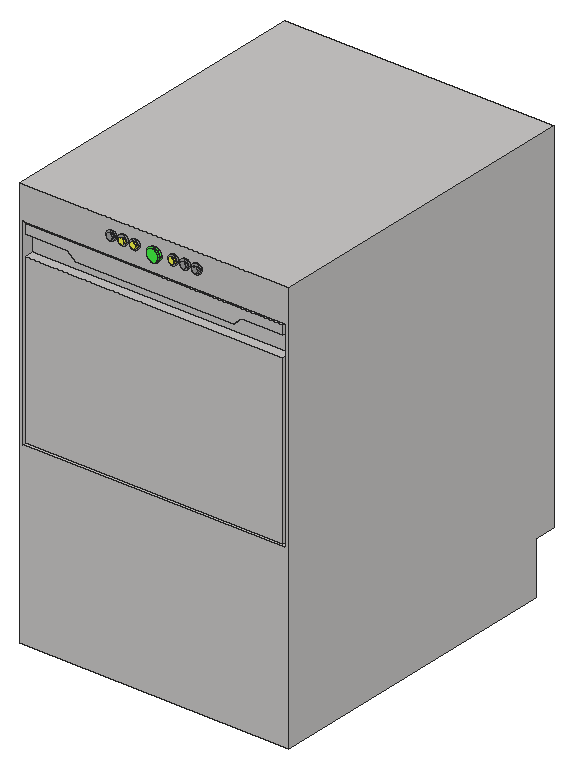
Revit family "QF_ELECTROLUXPROFESSIONAL_402218_ESICWP", category Specialty Equipment, Revit 2018
Family settings
  Round Connector Dimension = Use Diameter
  Part Type = Normal
  Work Plane-Based = No
  Always vertical = Yes
  Cut with Voids When Loaded = No
  Shared = No
  Room Calculation Point = No
Parameters
  Weight = 37.00 kg
  Watts = 0 W
  Volts = 0 V
  URL Manufacturer = ""
  URL = "http://professional.electrolux.com/"
  Steam Supply Size = 0 mm
  Steam Supply Minimum Pressure = 0.0 Pa
  Steam Supply Maximum Pressure = 0.0 Pa
  Steam Pounds per Hour = 0
  Show Logo [instance] = yes
  Show Clearance [instance] = yes
  Refrigeration Suction Line Size = 0 mm
  Refrigeration Liquid Line Size = 0 mm
  Refrigerant Compressor Remote = yes
  Manufacturer = ""
  Phase = 0
  Model = ""
  Length Actual = 460 mm  # constant formula
  Item Number = ""
  Hot Water Size = 0 mm
  Height Actual = 715 mm  # constant formula
  HP = "4.4 HP"
  Gas Size = 0 mm
  Gas KW = 0
  Gas Input Pressure = 0 W
  Direct Waste Size = 27 mm
  Description = ""
  Depth Actual = 565 mm  # constant formula
  Cycle = 0 Hz
  Condensate Return Size = 0 mm
  Compressed Air Volume = 0.0 L/s
  Compressed Air Size = 0 mm
  Compressed Air Pressure = 0.0 Pa
  Cold Water Size = 0 mm
  Accessory = yes
Types (2, lengths in mm): name | Volts | URL Manufacturer | URL | Manufacturer | Phase | Model | Item Number | Description | Cycle | Cold Water Size
  (no name) | 0 V | "" | "http://professional.electrolux.com/" | "" | 0 | "" | "" | "" | 0 Hz | 0
  Standard | 220 V | "http://professional.electrolux.com" | "http://professional.electrolux.com" | "Electrolux Professional" | 1 | "ESICWP" | "402218" | "GLASSWASHER(S) DOUBLE SKIN, COLD RINSE, WS, DP, 30B/H" | 50 Hz | 19.05
Reference planes
  plane 1 "Center (Front/Back)": y = 0
  plane 2: z = 0
  plane 3 "Center (Left/Right)": x = 0
  plane 4 "LEFT": x = -230
  plane 5 "RIGHT": x = 230
  plane 6 "FRONT": y = -282.5
  plane 7 "BACK": y = 282.5
  plane 8: x = -202.5
  plane 9: x = 202.5
  plane 10: z = 715
  plane 11: z = 10
Forms (mm)
  Extrusion 1, solid, material "QF_Finishes_Stainless Steel"
    sketch origin (0, 0, 0) x (1, 0, 0) y (0, 1, 0)
      loop
        line (-230, -282.5) -> (230, -282.5) -> (230, 243.5) -> (-230, 243.5) -> (-230, -282.5)
    from 10 to 715
  Extrusion 2, solid, material "QF_Finishes_Stainless Steel"
    sketch origin (0, 0, 0) x (1, 0, 0) y (0, 1, 0)
      loop
        line (-230, 243.5) -> (230, 243.5) -> (230, 282.5) -> (-230, 282.5) -> (-230, 243.5)
    from 100 to 715
  Extrusion 3, solid, material "QF_Finishes_Stainless Steel"
    sketch origin (0, 0, 0) x (1, 0, 0) y (0, 1, 0)
      loop
        circle (-202.5, 184.5) r 12.5
      loop
        circle (202.5, 184.5) r 12.5
      loop
        circle (-202.5, -235.5) r 12.5
      loop
        circle (202.5, -235.5) r 12.5
    from 0 to 10
  Extrusion 4, void
    sketch origin (-230, -282.5, 0) x (-1, 0, 0) y (0, 0, 1)
      loop
        line (-5, 658.217) -> (-455, 658.217) -> (-455, 315) -> (-5, 315) -> (-5, 658.217)
    from 0 to 30
  Extrusion 5, solid, material "QF_Finishes_Stainless Steel"
    sketch origin (-53, -392, 738) x (0, 0, -1) y (1, 0, 0)
      loop
        circle (693, 213) r 10
    from -635.5 to -674.5
  Extrusion 6, solid, material "QF_Door-Drawer Clearances", visible <- "Show Clearance", detail levels coarse
    sketch origin (-230, -282.5, 0) x (0, 1, 0) y (0, 0, -1)
      loop
        line (0, -315) -> (-315, -315)
        arc (-315, -315) -> (-223.2, -545.869) -> (0, -655) r 344.605
        line (0, -655) -> (0, -315)
    from -10 to -450
  Extrusion 7, solid, material "QF_Finishes_Stainless Steel"
    sketch origin (-242.481, -392, 738) x (0, 0, -1) y (1, 0, 0)
      loop
        circle (663, 322.481) r 8
    from -635.5 to -674.5
  Extrusion 8, solid, material "QF_Finishes_Green"
    sketch origin (234, -282.5, -28.75) x (-1, 0, 0) y (0, 0, -1)
      loop
        circle (234, -714.569) r 10
    from 0 to 5
  Extrusion 9, solid, material "QF_Finishes_Gray"
    sketch origin (234, -282.5, -24.375) x (-1, 0, 0) y (0, 0, -1)
      loop
        circle (306.936, -713.972) r 5
    from 0 to 5
  Extrusion 10, solid, material "QF_Finishes_Stainless Steel"
    sketch origin (-230, -282.5, 0) x (0, 1, 0) y (0, 0, -1)
      loop
        line (0, -319.622) -> (0, -605) -> (15, -605) -> (15, -655) -> (25, -655) -> (25, -319.622) -> (0, -319.622)
    from -10 to -450
  Extrusion 11, solid, material "QF_Finishes_Stainless Steel"
    sketch origin (-230, -282.5, 0) x (0, 1, 0) y (0, 0, -1)
      loop
        line (15, -655) -> (15, -652.514) -> (2.5, -652.514) -> (2.5, -626.25) -> (0, -626.25) -> (0, -655) -> (15, -655)
    from -10 to -450
  Extrusion 12, void
    sketch origin (-230, -282.5, 655) x (0, 0, 1) y (1, 0, 0)
      loop
        line (-15.552, 10) -> (-15.552, 81.607) -> (-28.75, 94.804) -> (-28.75, 10) -> (-15.552, 10)
      loop
        line (-15.552, 450) -> (-28.75, 450) -> (-28.75, 365.196) -> (-15.552, 378.393) -> (-15.552, 450)
    from 0 to 2.5
  Extrusion 13, solid, material "QF_Finishes_Stainless Steel"
    sketch origin (-328, -392, 738) x (0, 0, -1) y (1, 0, 0)
      loop
        circle (663, 228) r 8
    from -635.5 to -674.5
  Extrusion 14, solid, material "QF_Finishes_Green"
    sketch origin (-230, -282.5, 0) x (1, 0, 0) y (0, 0, 1)
      loop
        circle (230, 685.819) r 12
      loop
        circle (230, 685.819) r 10
    from 0 to 2.5
  Extrusion 15, solid, material "QF_Finishes_Gray"
    sketch origin (-210, -282.5, -28.75) x (1, 0, 0) y (0, 0, 1)
      loop
        circle (262.936, 718.347) r 8
      loop
        circle (262.936, 718.347) r 5
      loop
        circle (242.936, 718.347) r 8
      loop
        circle (242.936, 718.347) r 5
      loop
        circle (282.936, 718.347) r 8
      loop
        circle (282.936, 718.347) r 5
    from 0 to 2.5
  Extrusion 16, solid, material "QF_Finishes_Gray"
    sketch origin (-234, -282.5, -24.375) x (1, 0, 0) y (0, 0, 1)
      loop
        circle (286.936, 713.972) r 5
      loop
        circle (306.936, 713.972) r 5
    from 0 to 5
  Extrusion 17, solid, material "QF_Finishes_Gray"
    sketch origin (210, -282.5, -28.75) x (-1, 0, 0) y (0, 0, -1)
      loop
        circle (262.936, -718.347) r 8
      loop
        circle (262.936, -718.347) r 5
      loop
        circle (242.936, -718.347) r 8
      loop
        circle (242.936, -718.347) r 5
      loop
        circle (282.936, -718.347) r 8
      loop
        circle (282.936, -718.347) r 5
    from 0 to 2.5
  Extrusion 18, solid, material "QF_Finishes_Yellow"
    sketch origin (254, -282.5, -24.375) x (-1, 0, 0) y (0, 0, -1)
      loop
        circle (306.936, -713.972) r 5
    from 0 to 5
  Extrusion 19, solid, material "QF_Finishes_Yellow"
    sketch origin (274, -282.5, -24.375) x (-1, 0, 0) y (0, 0, -1)
      loop
        circle (306.936, -713.972) r 5
    from 0 to 5
  Extrusion 20, solid, material "QF_Finishes_Yellow"
    sketch origin (339.871, -282.5, -24.375) x (-1, 0, 0) y (0, 0, -1)
      loop
        circle (306.936, -713.972) r 5
    from 0 to 5
Cuts and joins
  Extrusion 4 cuts Extrusion 1
  joined: Extrusion 1, Extrusion 2
  Extrusion 12 cuts Extrusion 10
  Extrusion 12 cuts Extrusion 11
Lines and regions (mm)
  Split face 1
    outline origin (-230, -282.5, 715) x (0, 0, -1) y (1, 0, 0)
      loop
        line (35, 0) -> (35, 60) -> (49.142, 74.142) -> (49.142, 214.142) -> (11.456, 214.142)
        arc (11.456, 214.142) -> (9.82, 214.82) -> (9.142, 216.456) r 2.314
        line (9.142, 216.456) -> (9.142, 230) -> (9.142, 243.544)
        arc (9.142, 243.544) -> (9.82, 245.18) -> (11.456, 245.858) r 2.314
        line (11.456, 245.858) -> (49.142, 245.858) -> (49.142, 385.858) -> (35, 400) -> (35, 460)
      loop
        line (56.783, 5) -> (56.783, 0)
      loop
        line (56.783, 455) -> (56.783, 460)
  symbolic lines
    curve 1: line (-230, 282.5, 0) -> (230, 282.5, 0)
    curve 2: line (-230, -282.5, 0) -> (-230, 282.5, 0)
    curve 3: line (230, -282.5, 0) -> (-230, -282.5, 0)
    curve 4: line (230, 282.5, 0) -> (230, -282.5, 0)
    curve 9: line (-80.94, -285, 0) -> (-80.94, -282.5, 0)
    curve 10: line (-64.948, -285, 0) -> (-64.948, -282.5, 0)
    curve 11: line (-77.926, -287.5, 0) -> (-67.936, -287.5, 0)
    curve 12: line (-67.936, -287.5, 0) -> (-67.936, -285, 0)
    curve 13: line (-77.926, -287.5, 0) -> (-77.926, -285, 0)
    curve 14: line (-60.936, -285, 0) -> (-44.936, -285, 0)
    curve 15: line (-44.936, -285, 0) -> (-44.936, -282.5, 0)
    curve 16: line (-60.936, -285, 0) -> (-60.936, -282.5, 0)
    curve 17: line (-57.936, -287.5, 0) -> (-47.936, -287.5, 0)
    curve 18: line (-47.936, -287.5, 0) -> (-47.936, -285, 0)
    curve 19: line (-57.936, -287.5, 0) -> (-57.936, -285, 0)
    curve 20: line (-40.936, -285, 0) -> (-24.936, -285, 0)
    curve 21: line (-24.936, -285, 0) -> (-24.936, -282.5, 0)
    curve 22: line (-40.936, -285, 0) -> (-40.936, -282.5, 0)
    curve 23: line (-37.936, -287.5, 0) -> (-27.936, -287.5, 0)
    curve 24: line (-27.936, -287.5, 0) -> (-27.936, -285, 0)
    curve 25: line (-37.936, -287.5, 0) -> (-37.936, -285, 0)
    curve 26: line (24.936, -285, 0) -> (40.936, -285, 0)
    curve 27: line (40.936, -285, 0) -> (40.936, -282.5, 0)
    curve 28: line (27.936, -287.5, 0) -> (37.936, -287.5, 0)
    curve 29: line (37.936, -287.5, 0) -> (37.936, -285, 0)
    curve 30: line (27.936, -287.5, 0) -> (27.936, -285, 0)
    curve 31: line (24.936, -285, 0) -> (24.936, -282.5, 0)
    curve 32: line (-12, -285, 0) -> (12, -285, 0)
    curve 33: line (12, -285, 0) -> (12, -282.5, 0)
    curve 34: line (-12, -285, 0) -> (-12, -282.5, 0)
    curve 35: line (-10, -287.5, 0) -> (10, -287.5, 0)
    curve 36: line (10, -287.5, 0) -> (10, -285, 0)
    curve 37: line (-10, -287.5, 0) -> (-10, -285, 0)
    curve 39: line (44.936, -285, 0) -> (60.936, -285, 0)
    curve 40: line (60.936, -285, 0) -> (60.936, -282.5, 0)
    curve 41: line (47.936, -287.5, 0) -> (57.936, -287.5, 0)
    curve 42: line (57.936, -287.5, 0) -> (57.936, -285, 0)
    curve 43: line (47.936, -287.5, 0) -> (47.936, -285, 0)
    curve 44: line (44.936, -285, 0) -> (44.936, -282.5, 0)
    curve 45: line (64.936, -285, 0) -> (80.936, -285, 0)
    curve 46: line (80.936, -285, 0) -> (80.936, -282.5, 0)
    curve 47: line (67.936, -287.5, 0) -> (77.936, -287.5, 0)
    curve 48: line (77.936, -287.5, 0) -> (77.936, -285, 0)
    curve 49: line (67.936, -287.5, 0) -> (67.936, -285, 0)
    curve 50: line (64.936, -285, 0) -> (64.936, -282.5, 0)
  symbolic lines, style "QF_Door-Drawer Clearances"
    curve 5: line (-220, -597.5, 0) -> (220, -597.5, 0)
    curve 6: line (220, -597.5, 0) -> (220, -282.5, 0)
    curve 7: line (-220, -597.5, 0) -> (-220, -282.5, 0)
  symbolic lines, style "SpecialityEquipment"
    curve 8: line (-80.94, -285, 0) -> (-64.948, -285, 0)
  symbolic lines, style "SpecialityEquipmentHiddenLines"
    curve 38: line (-230, 243.5, 0) -> (230, 243.5, 0)
Dimensions and locks
  equal spacing: plane 4 "LEFT", plane 3 "Center (Left/Right)", plane 5 "RIGHT"
  equal spacing: plane 7 "BACK", plane 1 "Center (Front/Back)", plane 6 "FRONT"
  plane 7 "BACK" to plane 6 "FRONT" = 565 mm
  plane 4 "LEFT" to plane 5 "RIGHT" = 460 mm
  plane 4 "LEFT" to plane 8 = 27.5 mm
  plane 9 to plane 5 "RIGHT" = 27.5 mm
  locked: plane 11 to level at 10
  plane 4 "LEFT" to plane 3 "Center (Left/Right)" = 230 mm
  plane 10 to level = 715 mm  (x2)
  plane 8 to plane 9 = 405 mm
  level to Extrusion 13 sketch curve = 75 mm
  Extrusion 13 sketch curve to plane 4 "LEFT" = 130 mm
  level to Extrusion 5 sketch curve = 45 mm
  Extrusion 5 sketch curve to plane 4 "LEFT" = 390 mm
  Extrusion 7 sketch curve to plane 4 "LEFT" = 310 mm
  level to Extrusion 7 sketch curve = 75 mm
  locked: Extrusion 3 to cut or joined group of Extrusion 1, Extrusion 2, Extrusion 4 at 98
  Extrusion 3 to Extrusion 3 = 420 mm
  locked: plane 6 "FRONT" to Extrusion 3 at 47
  plane 9 to plane 8 = 405 mm
  plane 7 "BACK" to curve 5 = 880 mm
  cut or joined group of Extrusion 10, Extrusion 12 to cut or joined group of Extrusion 1, Extrusion 2, Extrusion 4 = 290 mm
  aligned and locked: level to plane 2
  aligned and locked: Extrusion 1 sketch curve to plane 6 "FRONT"
  aligned and locked: Extrusion 1 sketch curve to plane 4 "LEFT"
  aligned and locked: plane 5 "RIGHT" to Extrusion 1 sketch curve
  aligned and locked: Extrusion 1 to plane 11
  aligned and locked: Extrusion 2 sketch curve to Extrusion 1  (x2)
  aligned and locked: plane 7 "BACK" to Extrusion 2 sketch curve
  aligned and locked: plane 5 "RIGHT" to Extrusion 2 sketch curve
  aligned and locked: plane 11 to Extrusion 3
  aligned and locked: Extrusion 2 to Extrusion 5
  aligned and locked: Extrusion 2 to Extrusion 7
  aligned and locked: plane 7 "BACK" to Extrusion 7
  aligned and locked: plane 7 "BACK" to Extrusion 5
  aligned and locked: cut or joined group of Extrusion 11, Extrusion 12 to Extrusion 12
  aligned and locked: plane 10 to Extrusion 2
Automatic sketch dimensions
  curve 1 to plane 4 "LEFT" = 0 mm
  curve 7 to plane 6 "FRONT" = 0 mm
  curve 4 to plane 5 "RIGHT" = 0 mm
  curve 2 to plane 7 "BACK" = 0 mm
  plane 4 "LEFT" to curve 5 = 10 mm
  curve 8 to plane 6 "FRONT" = 2.5 mm
  curve 8 to plane 3 "Center (Left/Right)" = 80.94 mm
  curve 8 to curve 11 = 3.013 mm
  curve 11 to curve 11 = 9.991 mm
  curve 12 to curve 10 = 2.987 mm
  curve 8 to curve 16 = 4.013 mm
  curve 14 to curve 19 = 3 mm
  curve 17 to plane 6 "FRONT" = 5 mm
  curve 17 to curve 17 = 10 mm
  curve 18 to curve 14 = 3 mm
  curve 14 to curve 20 = 4 mm
  curve 20 to curve 25 = 3 mm
  curve 24 to plane 6 "FRONT" = 5 mm
  curve 23 to curve 24 = 10 mm
  curve 24 to curve 21 = 3 mm
  curve 34 to plane 6 "FRONT" = 2.5 mm
  curve 34 to plane 3 "Center (Left/Right)" = 12 mm
  curve 32 to curve 37 = 2 mm
  plane 3 "Center (Left/Right)" to curve 36 = 10 mm
  curve 36 to curve 33 = 2 mm
  curve 26 to plane 6 "FRONT" = 2.5 mm
  curve 32 to curve 26 = 12.936 mm
  curve 26 to curve 30 = 3 mm
  curve 28 to plane 6 "FRONT" = 5 mm
  curve 28 to curve 28 = 10 mm
  curve 29 to curve 27 = 3 mm
  curve 26 to curve 44 = 4 mm
  curve 39 to curve 43 = 3 mm
  curve 41 to plane 6 "FRONT" = 5 mm
  curve 41 to curve 41 = 10 mm
  curve 42 to curve 39 = 3 mm
  curve 39 to curve 50 = 4 mm
  curve 45 to curve 47 = 3 mm
  curve 47 to plane 6 "FRONT" = 5 mm
  curve 47 to curve 47 = 10 mm
  curve 48 to curve 45 = 3 mm
  curve 6 to plane 5 "RIGHT" = 10 mm
  curve 35 to curve 36 = 2.5 mm
  curve 11 to curve 13 = 2.5 mm
  curve 15 to plane 6 "FRONT" = 2.5 mm
  curve 20 to plane 6 "FRONT" = 2.5 mm
  curve 40 to plane 6 "FRONT" = 2.5 mm
  curve 45 to plane 6 "FRONT" = 2.5 mm
  curve 38 to plane 7 "BACK" = 39 mm
  Extrusion 1 sketch curve to plane 7 "BACK" = 39 mm
  Extrusion 3 sketch curve to plane 8 = 0 mm  (x2)
  Extrusion 3 sketch curve to plane 9 = 0 mm  (x2)
  plane 6 "FRONT" to Extrusion 3 sketch curve = 47 mm  (x2)
  Extrusion 3 sketch curve to plane 7 "BACK" = 98 mm  (x2)
  Extrusion 4 sketch curve to Extrusion 1 = 5 mm  (x2)
  Extrusion 4 sketch curve to Extrusion 1 = 305 mm
  Extrusion 4 sketch curve to Extrusion 1 = 56.783 mm
  Extrusion 6 sketch curve to plane 6 "FRONT" = 0 mm
  Extrusion 6 sketch curve to plane 6 "FRONT" = 315 mm
  plane 6 "FRONT" to Extrusion 6 sketch curve = 29.589 mm
  Extrusion 6 sketch curve to plane 10 = 60 mm
  plane 11 to Extrusion 6 sketch curve = 305 mm
  Extrusion 8 sketch curve to Extrusion 8 sketch curve = 0 mm  (x2)
  Extrusion 8 sketch curve to plane 3 "Center (Left/Right)" = 0 mm
  Extrusion 8 sketch curve to plane 10 = 29.181 mm
  plane 3 "Center (Left/Right)" to Extrusion 8 sketch curve = 10 mm
  Extrusion 9 sketch curve to Extrusion 9 sketch curve = 0 mm  (x2)
  Extrusion 9 sketch curve to plane 10 = 25.403 mm
  Extrusion 9 sketch curve to plane 3 "Center (Left/Right)" = 72.936 mm
  Extrusion 9 sketch curve to Extrusion 9 sketch curve = 5 mm
  Extrusion 10 sketch curve to plane 6 "FRONT" = 0 mm
  plane 6 "FRONT" to Extrusion 10 sketch curve = 15 mm
  Extrusion 10 sketch curve to Extrusion 10 sketch curve = 25 mm
  Extrusion 10 sketch curve to plane 10 = 60 mm
  Extrusion 10 sketch curve to Extrusion 10 sketch curve = 50 mm
  Extrusion 10 sketch curve to Extrusion 10 sketch curve = 285.378 mm
  Extrusion 11 sketch curve to plane 6 "FRONT" = 0 mm
  Extrusion 11 sketch curve to Extrusion 11 sketch curve = 2.5 mm
  Extrusion 11 sketch curve to Extrusion 11 sketch curve = 12.5 mm
  Extrusion 11 sketch curve to plane 10 = 60 mm
  Extrusion 11 sketch curve to Extrusion 11 sketch curve = 2.486 mm
  Extrusion 11 sketch curve to Extrusion 11 sketch curve = 26.264 mm
  Extrusion 12 sketch curve to Extrusion 11 = 0 mm  (x3)
  Extrusion 11 to Extrusion 12 sketch curve = 0 mm
  Extrusion 12 sketch curve to Extrusion 11 = 13.198 mm  (x2)
  Extrusion 12 sketch curve to Extrusion 11 = 71.607 mm
  Extrusion 12 sketch curve to Extrusion 12 sketch curve = 13.198 mm  (x2)
  Extrusion 12 sketch curve to Extrusion 11 = 84.804 mm
  Extrusion 14 sketch curve to Extrusion 14 sketch curve = 0 mm  (x2)
  Extrusion 1 to Extrusion 14 sketch curve = 29.181 mm
  Extrusion 1 to Extrusion 14 sketch curve = 230 mm
  Extrusion 15 sketch curve to Extrusion 15 sketch curve = 0 mm  (x8)
  plane 3 "Center (Left/Right)" to Extrusion 15 sketch curve = 32.936 mm
  Extrusion 15 sketch curve to Extrusion 15 sketch curve = 20 mm  (x2)
  Extrusion 15 sketch curve to plane 10 = 25.403 mm
  Extrusion 16 sketch curve to Extrusion 16 sketch curve = 0 mm  (x5)
  Extrusion 16 sketch curve to plane 10 = 25.403 mm
  plane 3 "Center (Left/Right)" to Extrusion 16 sketch curve = 52.936 mm
  Extrusion 16 sketch curve to Extrusion 16 sketch curve = 20 mm
  Extrusion 16 sketch curve to Extrusion 16 sketch curve = 5 mm  (x2)
  Split face 1 sketch curve to cut or joined group of Extrusion 1, Extrusion 2, Extrusion 4 = 0 mm  (x6)
  cut or joined group of Extrusion 1, Extrusion 2, Extrusion 4 to Split face 1 sketch curve = 0 mm  (x2)
  cut or joined group of Extrusion 1, Extrusion 2, Extrusion 4 to Split face 1 sketch curve = 7.641 mm  (x2)
  Split face 1 sketch curve to Split face 1 sketch curve = 14.142 mm  (x4)
  Split face 1 sketch curve to cut or joined group of Extrusion 1, Extrusion 2, Extrusion 4 = 11.456 mm  (x2)
  Split face 1 sketch curve to cut or joined group of Extrusion 1, Extrusion 2, Extrusion 4 = 9.142 mm
  Split face 1 sketch curve to cut or joined group of Extrusion 1, Extrusion 2, Extrusion 4 = 55 mm
  Split face 1 sketch curve to Split face 1 sketch curve = 140 mm
  Split face 1 sketch curve to Split face 1 sketch curve = 13.544 mm  (x2)
  Split face 1 sketch curve to cut or joined group of Extrusion 1, Extrusion 2, Extrusion 4 = 69.142 mm
  Extrusion 17 sketch curve to Extrusion 17 sketch curve = 0 mm  (x8)
  Extrusion 17 sketch curve to plane 3 "Center (Left/Right)" = 32.936 mm
  Extrusion 17 sketch curve to Extrusion 17 sketch curve = 20 mm  (x2)
  Extrusion 17 sketch curve to plane 10 = 25.403 mm
  Extrusion 18 sketch curve to Extrusion 18 sketch curve = 0 mm  (x2)
  Extrusion 18 sketch curve to plane 10 = 25.403 mm
  Extrusion 18 sketch curve to plane 3 "Center (Left/Right)" = 52.936 mm
  Extrusion 18 sketch curve to Extrusion 18 sketch curve = 5 mm
  Extrusion 19 sketch curve to Extrusion 19 sketch curve = 0 mm  (x2)
  Extrusion 19 sketch curve to plane 3 "Center (Left/Right)" = 32.936 mm
  Extrusion 19 sketch curve to plane 10 = 25.403 mm
  Extrusion 19 sketch curve to Extrusion 19 sketch curve = 5 mm
  Extrusion 20 sketch curve to Extrusion 20 sketch curve = 0 mm  (x2)
  plane 3 "Center (Left/Right)" to Extrusion 20 sketch curve = 32.936 mm
  Extrusion 20 sketch curve to plane 10 = 25.403 mm
  Extrusion 20 sketch curve to Extrusion 20 sketch curve = 5 mm
  radius of Extrusion 5 sketch curve = 10 mm
  radius of Extrusion 7 sketch curve = 8 mm
  radius of Extrusion 13 sketch curve = 8 mm
  radius of Extrusion 3 sketch curve = 12.5 mm  (x4)
  radius of Extrusion 14 sketch curve = 12 mm
  radius of Extrusion 14 sketch curve = 10 mm
  radius of Extrusion 15 sketch curve = 8 mm  (x3)
  radius of Extrusion 15 sketch curve = 5 mm  (x3)
  radius of Extrusion 17 sketch curve = 8 mm  (x3)
  radius of Extrusion 17 sketch curve = 5 mm  (x3)
Connectors
  piping at (160, 282.5, 45), diameter 20
    settings: on Extrusion 5, index 1, connector inside diameter 609.6 mm, connector length 0 mm, flow factor 0, pipe flow 0.0 L/s, pressure drop 0.0 Pa, fitting loss kfactor 0, connector angle 0.00°, fixture units 0, engagement length 0 mm, angle of deflection 0.00°, flow configuration 1, flow direction 1, fitting loss method 0, system type 16, joint type 0, gender type 0, connector reference index -1, connector utility 0, adjustable connector no, is connector primary yes, connector description "Drain"
  piping at (80, 282.5, 75), driven by "Cold Water Size"
    settings: on Extrusion 7, index 3, connector diameter 0 mm, connector inside diameter 609.6 mm, connector length 0 mm, flow factor 0, pipe flow 0.0 L/s, pressure drop 0.0 Pa, fitting loss kfactor 0, connector angle 0.00°, fixture units 0, engagement length 0 mm, angle of deflection 0.00°, flow configuration 1, flow direction 1, fitting loss method 0, system type 20, joint type 0, gender type 0, connector reference index -1, connector utility 0, adjustable connector no, is connector primary no, connector description "Cold Water Inlet"
  electrical at (-100, 282.5, 75), driven by "Volts"
    settings: on Extrusion 13, index 4, voltage 0 V, apparent load 0 VA, apparent load phase1 0 VA, apparent load phase2 0 VA, apparent load phase3 0 VA, power factor 1, load classification "Altro", number of poles 1, system type 31, power factor state 1, is connector primary yes, connector utility no, sub classification motor no, connector description "Electrical Connection"
